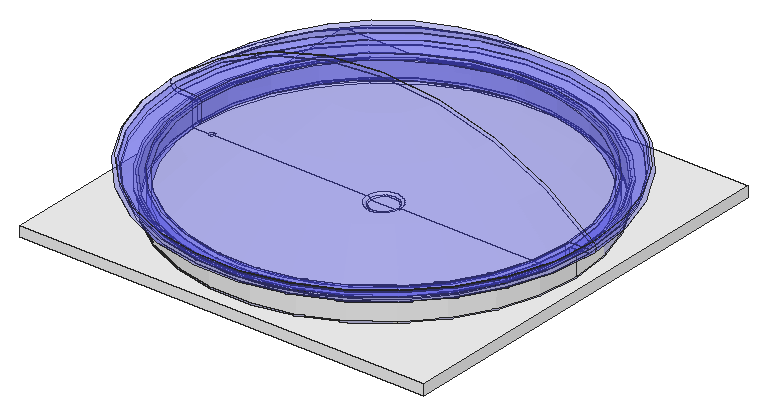
Revit family "BE_50019_de_DE", category Leuchten, Revit 2020
Family settings
  Basisbauteil = Fläche
  Bemaßung runder Anschluss = Durchmesser verwenden
  Teiletyp = Normal
  Beim Laden mit Abzugskörper schneiden = Ja
  Lichtquelle = Ja
  Gemeinsam genutzt = Nein
  Raumberechnungspunkt = Ja
Parameters (values of type "BEGA_50019_K3")
  built-in parameter 1150104 = 12.087 (stored number, unit not read)
  Wattage = 28.1 W
  Default Elevation = 0 mm
  built-in parameter 1150113 = 1 (stored number, unit not read)
  built-in parameter 1114218 = 1 (stored number, unit not read)
  Umgebungstemperatur = "25 °C"
  URL = "https://www.bega.com/de/produkt/50019"
  Typenkommentare = "© 2022 BEGA. Wir behalten uns das Recht vor, technische Änderungen ohne vorherige Ankündigung vorzunehmen."  # constant formula
  built-in parameter 1150134 = (empty or 0)
  built-in parameter 1150109 = 1 (stored number, unit not read)
  Strom = ""
  built-in parameter 1150110 = 1 (stored number, unit not read)
  Spannung = 230 V
  Sonderanfertigung = no
  Seriennummer [instance] = "Hier können Sie die eindeutige Seriennummer für das Facility Management eintragen."
  Schutzklasse = "I"
  Schutzart = "IP 20"
  Scheinlast = 0 VA
  Produktdatenblatt = "http://www.bega.de/download/Xrfa/db/50019.db.de.pdf"
  Oberflächentemperatur = ""
  Neigungswinkel = 0.00°
  Model = "50019K2"
  Material_17 = BEGA_Reflektor
  Material_15 = BEGA_Leuchtmedium_matt
  Material_11 = BEGA_Glas_opal
  Material_09 = BEGA_Glas_klar
  Material_06 = BEGA_Oberfläche_Edelstahl_gebürstet
  Material_03 = BEGA_Oberfläche_Weiss_matt
  Material_02 = BEGA_Oberfläche_Silber_matt
  Material_01 [instance] = BEGA_Oberfläche_Grafit_matt
  M_W = no
  M_G = no
  M_A = no
  Logo = 0
  built-in parameter 1114217 = 1 (stored number, unit not read)
  built-in parameter 1150139 = (empty or 0)
  built-in parameter 1150105 = 970.95 (stored number, unit not read)
  built-in parameter 1150114 = 1 (stored number, unit not read)
  Lumens = 3655.81 lm
  built-in parameter 1150115 = 1 (stored number, unit not read)
  Leuchtenlichtstrom = "2014 lm"
  Leuchtenanzahl = ""
  Lebensdauerkriterien = "L70B50 @ 25 °C = 285000 h"
  Lastklassifizierung = Beleuchtung
  built-in parameter 1150112 = 1 (stored number, unit not read)
  Lampenlichtstrom = "3655 lm"
  Lamp = "LED 28.1 W"
  LED_Modulbezeichnung = "LED-0630/927"
  Hersteller = "BEGA"  # constant formula
  Halbstreuwinkel = ""
  Gewicht = "4.4 kg"
  Gebrauchslageneinschränkung [instance] = ""
  Frequenz = "50 Hz"
  Farbwiedergabeindex = "CRI > 90"
  Farbtemperaturverschiebung bei Dämpfen der Lampe = <Keine Auswahl>
  Farbtemperatur = "2700 K"
  Color Filter = 16777215
  built-in parameter 1150133 = 10 (stored number, unit not read)
  Energieeffizienzklasse = "LED A++ - A"
  built-in parameter 1150137 = (empty or 0)
  built-in parameter 1150132 = (empty or 0)
  ENEC = ""
  Dimmbar [instance] = ""
  Photometric Web File = "BE_50019K2.IES"
  CE_Konformität = "ja"
  Bestellnummer = "50019K2"
  Beschreibung_Sonderanfertigung = "Hier können Sie Informationen zur Sonderanfertigung eintragen."
  Beschreibung = "Decken- und Wandleuchte"
  built-in parameter 1150106 = 9.7095 (stored number, unit not read)
  Befestigungsbohrung = "Ø 6 mm"
  Befestigungsabstand = "340 mm"
  Ballwurfsicher = ""
  BEGA_Intern_aus = yes
  BEGA_Intern_an = yes
  BEGA_Intern_Konstruktion = yes
  BEGA_Intern = yes
  BEGA_IES = yes
  BEGA_Dummy = no
  Anschlussleitung = ""
  Anschlussleistung [instance] = "33.5 W"
  Anschlusskasten = ""
  built-in parameter 1150107 = 2700 (stored number, unit not read)
  built-in parameter 1150102 = (empty or 0)
  built-in parameter 1150138 = (empty or 0)
  Aktualisierung = "2020-07-27T04:00:12"
  Abstand_zur_angestrahlten_Fläche [instance] = ""
  AC/DC = "AC"
Types (3, lengths in mm): name | built-in parameter 1150104 | built-in parameter 1150134 | Model | built-in parameter 1150105 | Lumens | Leuchtenlichtstrom | Lampenlichtstrom | LED_Modulbezeichnung | Farbtemperatur | Photometric Web File | Bestellnummer | built-in parameter 1150106 | built-in parameter 1150107
  BEGA_50019_K3 | 12.18 (stored number, unit not read) | (empty or 0) | "50019K3" | 978.39 (stored number, unit not read) | 3683.91 lm | "2372 lm" | "4305 lm" | "LED-0630/930" | "3000 K" | "BE_50019K3.IES" | "50019K3" | 9.7839 (stored number, unit not read) | 3000 (stored number, unit not read)
  BEGA_50019_K4 | 12.626 (stored number, unit not read) | 12 | "50019K4" | 1014.2 (stored number, unit not read) | 3818.79 lm | "2372 lm" | "4305 lm" | "LED-0630/930" | "4000 K" | "BE_50019K4.IES" | "50019K4" | 10.142 (stored number, unit not read) | 4000 (stored number, unit not read)
  BEGA_50019_K27 | 12.626 (stored number, unit not read) | 12 | "50019K27" | 1014.2 (stored number, unit not read) | 3818.79 lm | "2294 lm" | "4165 lm" | "LED-0630/927" | "2700 K" | "BE_50019K27.IES" | "50019K27" | 10.142 (stored number, unit not read) | 4000 (stored number, unit not read)
Reference planes
  plane 1 "Mitte (Vorne/Hinten)": y = 0
  plane 2: z = 0
  plane 3 "Mitte (Links/Rechts)": x = 0
  plane 4 "Links": x = -210.263
  plane 5 "Rechts": x = 210.263
  plane 6 "Unten": y = -210.3
  plane 7 "Oben": y = 210.3
  plane 8 "Vorne": z = 117.8
  plane 9 "Hinten": z = 0
Forms (mm)
  Extrusion 1, solid, material "BEGA_Platte_Weiss"
    sketch origin (0, -1119.2, 0) x (1, 0, 0) y (0, 1, 0)
      loop
        line (-200, 1319.2) -> (-200, 919.2) -> (200, 919.2) -> (200, 1319.2) -> (-200, 1319.2)
    from 0 to -10
  Extrusion 2, solid, material "BEGA_Dummy_matt", visible <- "BEGA_Dummy"
    sketch origin (77.149, -76.023, 0) x (1, 0, 0) y (0, 1, 0)
      loop
        circle (-77.149, 76.023) r 210
    from 0 to 117.8
Dimensions and locks
  plane 1 "Mitte (Vorne/Hinten)" to Extrusion 1 = 200 mm
  aligned and locked: plane 2 to Extrusion 1
  aligned and locked: level to Extrusion 1
Nested families
  nested 1: "BE_50019" at (0, 0, 0) x (0, -1, 0) z (0, 0, 1), type "BE_50019"
Connectors
  electrical at (0, 0, 0), driven by "Lastklassifizierung", driven by "Spannung", driven by "Scheinlast"
    settings: index 1, voltage 230 V, apparent load 0 VA, apparent load phase1 0 VA, apparent load phase2 0 VA, apparent load phase3 0 VA, power factor 1, load classification "Beleuchtung", number of poles 1, system type 31, power factor state 1, is connector primary yes, connector utility no, sub classification motor no, connector description ""
Definition of nested family "BE_50019"
  Parameters (values of type "BE_50019")
    Default Elevation = 1 mm
    URL = "http://www.bega.de/de/produkt"
    Type Comments = "© 2015 BEGA. Wir behalten uns das Recht vor, technische Änderungen ohne vorherige Ankündigung vorzunehmen. "  # constant formula
    Type Image = (empty or 0)
    Neigungswinkel_um_Z2 = 0.00°
    Neigungswinkel_um_Z1 = 0.00°
    Neigungswinkel_um_Y2 = 0.00°
    Neigungswinkel_um_Y1 = 0.00°
    Neigungswinkel_um_X2 = 0.00°
    Neigungswinkel_um_X1 = 0.00°
    Material_17 = none
    Material_15 = none
    Material_11 = none
    Material_09 = none
    Material_06 = none
    Material_05 = none
    Material_03 = none
    Material_02 = none
    Material_01 = none
    M_W = yes
    M_G = yes
    M_A = yes
    Länge_Platte = 600 mm  # constant formula
    Höhe_Platte = -10 mm  # constant formula
    Manufacturer = "BEGA"  # constant formula
    Drehwinkel_um_Z2 = 0.00°
    Drehwinkel_um_Z1 = 0.00°
    Breite_Platte = 600 mm  # constant formula
  Reference planes
    plane 1 "Mitte (Oben/Unten)": y = 0
    plane 2: z = 0
    plane 3 "Mitte (Links/Rechts)": x = 0
    plane 4: y = 210.263
    plane 5: z = 117.8
    plane 6: y = -210.263
    plane 7: x = -210.3
    plane 8: x = 210.3
  Forms (mm)
    Extrusion 1, solid, detail levels medium
      sketch origin (0, 0, 0) x (1, 0, 0) y (0, 1, 0)
        loop
          line (-300, 300) -> (-300, -300) -> (300, -300) -> (300, 300) -> (-300, 300)
      from 0 to -10 <- "Höhe_Platte"
    Revolve 2, solid, material <- "Material_03", detail levels medium+fine
      sketch origin (0, 0, 0) x (0, 1, 0) y (0, 0, 1)
        loop
          line (188.667, 3.3) -> (16.416, 3.3)
          arc (16.416, 3.3) -> (15.106, 2.926) -> (14.186, 1.92) r 2.5
          arc (14.186, 1.92) -> (13.635, 1.322) -> (12.852, 1.1) r 1.5
          line (12.852, 1.1) -> (0.002, 1.1) -> (0.002, 0.1) -> (13.084, 0.1)
          arc (13.084, 0.1) -> (14.394, 0.474) -> (15.313, 1.48) r 2.5
          arc (15.313, 1.48) -> (15.866, 2.078) -> (16.65, 2.3) r 1.5
          line (16.65, 2.3) -> (188.667, 2.3)
          arc (188.667, 2.3) -> (190.064, 2.868) -> (190.667, 4.25) r 2
          line (190.667, 4.25) -> (191.038, 25.509)
          arc (191.038, 25.509) -> (191.277, 26.071) -> (191.842, 26.3) r 0.8
          line (191.842, 26.3) -> (194, 26.3) -> (194, 27.3) -> (191.844, 27.3)
          arc (191.844, 27.3) -> (190.578, 26.786) -> (190.038, 25.531) r 1.8
          line (190.038, 25.531) -> (189.667, 4.275)
          arc (189.667, 4.275) -> (189.365, 3.584) -> (188.667, 3.3) r 1
        axis (0, 0.1) -> (0, 27.3)
      angle from 0 to 360
    Extrusion 3, void
      sketch origin (0, 0, 0) x (1, 0, 0) y (0, 1, 0)
        loop
          circle (163, 18) r 8.5
        loop
          circle (0, -170) r 2.75
        loop
          circle (163, -18) r 8.5
        loop
          circle (0, 170) r 2.75
      from 1.096 to 7.205
    Revolve 4, solid, material <- "Material_11", detail levels medium+fine
      sketch origin (0, 0, 0) x (0, 1, 0) y (0, 0, 1)
        loop
          line (0, 117.8) -> (0, 113.8)
          arc (0, 113.8) -> (109.34, 94.281) -> (205.171, 38.134) r 315.999
          arc (205.171, 38.134) -> (206.112, 34.88) -> (203.42, 32.823) r 3
          line (203.42, 32.823) -> (183.692, 31.789)
          arc (183.692, 31.789) -> (181.07, 30.581) -> (180, 27.899) r 3.895
          line (180, 27.899) -> (180, 10.3) -> (184, 10.3) -> (184, 26.851)
          arc (184, 26.851) -> (184.275, 27.539) -> (184.948, 27.85) r 1
          line (184.948, 27.85) -> (203.629, 28.829)
          arc (203.629, 28.829) -> (209.896, 33.581) -> (207.79, 41.158) r 7
          arc (207.79, 41.158) -> (110.737, 98.029) -> (0, 117.8) r 319.999
        axis (0, 117.8) -> (0, 10.3)
      angle from 0 to 360
    Revolve 5, solid, material <- "Material_03", detail levels medium+fine
      sketch origin (87.5, 0, 0) x (0, 1, 0) y (0, 0, 1)
        loop
          line (151.554, 0) -> (151.554, 2.614) -> (145.865, 2.614)
          arc (145.865, 2.614) -> (148.424, 0.685) -> (151.554, 0) r 7.5
        axis (151.554, 0) -> (151.554, 2.614)
      angle from 0 to 360
    Revolve 6, solid, material <- "Material_03", detail levels medium+fine
      sketch origin (-43.752, -75.774, 0) x (0.866025, -0.5, 0) y (0, 0, 1)
        loop
          line (151.554, 0) -> (151.554, 2.614) -> (145.865, 2.614)
          arc (145.865, 2.614) -> (148.424, 0.685) -> (151.554, 0) r 7.5
        axis (151.554, 0) -> (151.554, 2.614)
      angle from 0 to 360
    Revolve 7, solid, material <- "Material_03", detail levels medium+fine
      sketch origin (-43.748, 75.781, 0) x (-0.866025, -0.5, 0) y (0, 0, 1)
        loop
          line (151.554, 0) -> (151.554, 2.614) -> (145.865, 2.614)
          arc (145.865, 2.614) -> (148.424, 0.685) -> (151.554, 0) r 7.5
        axis (151.554, 0) -> (151.554, 2.614)
      angle from 0 to 360
  Cuts and joins
    Extrusion 3 cuts Revolve 2
    joined: Revolve 2, Revolve 5, Revolve 6, Revolve 7
  Dimensions and locks
    equal spacing: Extrusion 1 sketch curve, plane 3 "Mitte (Links/Rechts)", Extrusion 1 sketch curve
    equal spacing: Extrusion 1 sketch curve, plane 1 "Mitte (Oben/Unten)", Extrusion 1 sketch curve
    "Länge_Platte": Extrusion 1 sketch curve to Extrusion 1 sketch curve
    "Breite_Platte": Extrusion 1 sketch curve to Extrusion 1 sketch curve
    aligned and locked: Extrusion 1 to plane 2
    aligned and locked: level to Extrusion 1
  Automatic sketch dimensions
    Revolve 2 sketch curve to Revolve 2 sketch curve = 0 mm  (x11)
    Revolve 2 sketch curve to plane 1 "Mitte (Oben/Unten)" = 0 mm
    Revolve 2 sketch curve to plane 1 "Mitte (Oben/Unten)" = 0.002 mm
    level to Revolve 2 sketch curve = 2.6 mm
    Revolve 2 sketch curve to plane 1 "Mitte (Oben/Unten)" = 12.849 mm
    Revolve 2 sketch curve to Revolve 2 sketch curve = 0.003 mm
    Revolve 2 sketch curve to Revolve 2 sketch curve = 0.229 mm  (x2)
    level to Revolve 2 sketch curve = 0.1 mm
    Revolve 2 sketch curve to Revolve 2 sketch curve = 0.232 mm
    Revolve 2 sketch curve to Revolve 2 sketch curve = 3.338 mm
    level to Revolve 2 sketch curve = 0.8 mm
    Revolve 2 sketch curve to Revolve 2 sketch curve = 0.005 mm
    level to Revolve 2 sketch curve = 4.3 mm
    level to Revolve 2 sketch curve = 4.275 mm
    Revolve 2 sketch curve to Revolve 2 sketch curve = 1 mm  (x6)
    level to Revolve 2 sketch curve = 4.25 mm
    Revolve 2 sketch curve to Revolve 2 sketch curve = 0.8 mm
    Revolve 2 sketch curve to Revolve 2 sketch curve = 0.004 mm
    Revolve 2 sketch curve to Revolve 2 sketch curve = 0.002 mm
    Revolve 2 sketch curve to Revolve 2 sketch curve = 2.156 mm
    Revolve 2 sketch curve to Revolve 2 sketch curve = 21.25 mm
    Revolve 2 sketch curve to Revolve 2 sketch curve = 0.009 mm
    Revolve 2 sketch curve to Revolve 2 sketch curve = 0.025 mm
    Revolve 2 sketch curve to Revolve 2 sketch curve = 6.2 mm
    Revolve 5 sketch curve to Revolve 5 sketch curve = 5.69 mm
    Revolve 5 sketch curve to Revolve 5 sketch curve = 0 mm  (x3)
    Revolve 5 sketch curve to Revolve 5 sketch curve = 1.154 mm
    Revolve 5 sketch curve to Revolve 5 sketch curve = 2.614 mm
    Revolve 6 sketch curve to Revolve 6 sketch curve = 5.69 mm
    Revolve 6 sketch curve to Revolve 6 sketch curve = 0 mm  (x3)
    Revolve 6 sketch curve to Revolve 6 sketch curve = 1.154 mm
    Revolve 6 sketch curve to Revolve 6 sketch curve = 2.614 mm
    Revolve 7 sketch curve to Revolve 7 sketch curve = 5.69 mm
    Revolve 7 sketch curve to Revolve 7 sketch curve = 0 mm  (x3)
    Revolve 7 sketch curve to Revolve 7 sketch curve = 1.154 mm
    Revolve 7 sketch curve to Revolve 7 sketch curve = 2.614 mm
    Revolve 5 sketch curve to level = 0 mm
    Revolve 6 sketch curve to level = 0 mm
    level to Revolve 7 sketch curve = 0 mm
    Extrusion 3 sketch curve to plane 3 "Mitte (Links/Rechts)" = 0 mm  (x2)
    plane 1 "Mitte (Oben/Unten)" to Extrusion 3 sketch curve = 18 mm
    Extrusion 3 sketch curve to plane 1 "Mitte (Oben/Unten)" = 18 mm
    Revolve 4 sketch curve to Revolve 4 sketch curve = 0 mm  (x9)
    Revolve 4 sketch curve to plane 1 "Mitte (Oben/Unten)" = 0 mm  (x2)
    plane 1 "Mitte (Oben/Unten)" to Revolve 4 sketch curve = 0 mm
    Revolve 4 sketch curve to plane 1 "Mitte (Oben/Unten)" = 0.001 mm
    Revolve 4 sketch curve to Revolve 4 sketch curve = 3.692 mm
    Revolve 4 sketch curve to Revolve 4 sketch curve = 0.204 mm
    Revolve 4 sketch curve to Revolve 4 sketch curve = 4 mm  (x2)
    Revolve 4 sketch curve to Revolve 4 sketch curve = 1 mm
    Revolve 4 sketch curve to Revolve 4 sketch curve = 19.572 mm
    Revolve 4 sketch curve to level = 202.199 mm
    Revolve 4 sketch curve to Revolve 4 sketch curve = 0.001 mm
    level to Revolve 4 sketch curve = 10.3 mm
    Revolve 4 sketch curve to Revolve 4 sketch curve = 16.551 mm
    Revolve 4 sketch curve to Revolve 4 sketch curve = 1.048 mm
    Revolve 4 sketch curve to Revolve 4 sketch curve = 4.03 mm
    Revolve 4 sketch curve to Revolve 4 sketch curve = 0.052 mm
    Revolve 4 sketch curve to Revolve 4 sketch curve = 0.157 mm
    Revolve 4 sketch curve to Revolve 4 sketch curve = 0.209 mm
    Revolve 4 sketch curve to Revolve 4 sketch curve = 1.908 mm
    Revolve 4 sketch curve to Revolve 4 sketch curve = 2.619 mm
    Revolve 2 sketch curve to Revolve 2 sketch curve = 172.018 mm
    Revolve 2 sketch curve to Revolve 2 sketch curve = 0.371 mm
    Extrusion 3 sketch curve to plane 1 "Mitte (Oben/Unten)" = 170 mm
    Revolve 4 sketch curve to plane 1 "Mitte (Oben/Unten)" = 180 mm
    Revolve 5 sketch curve to plane 1 "Mitte (Oben/Unten)" = 145.865 mm
    plane 1 "Mitte (Oben/Unten)" to Extrusion 3 sketch curve = 170 mm
    level to Revolve 4 sketch curve = 113.8 mm
    Revolve 4 sketch curve to Revolve 4 sketch curve = 45.47 mm
    plane 3 "Mitte (Links/Rechts)" to Extrusion 3 sketch curve = 163 mm
    Extrusion 3 sketch curve to Extrusion 3 sketch curve = 0 mm
    radius of Extrusion 3 sketch curve = 8.5 mm  (x2)
    radius of Extrusion 3 sketch curve = 2.75 mm  (x2)
